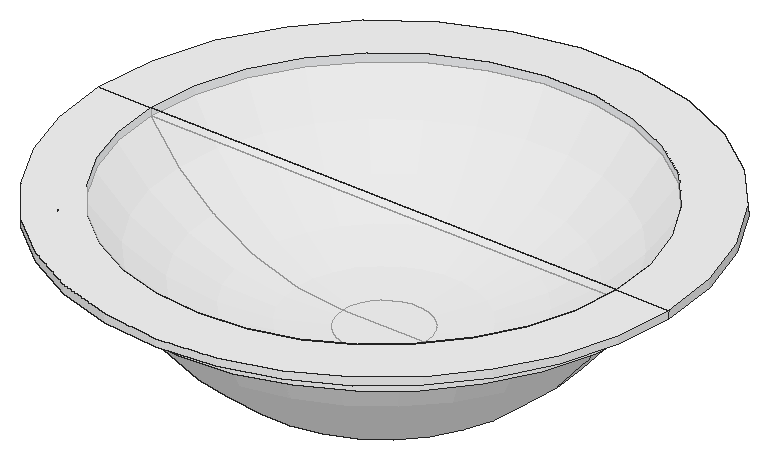
Revit family "0030344 Sylvania Lighting Fixture START Downlight 205 IP44 1-10V 1975Lm 830", category Lighting Fixtures, host Face, Revit 2016
Family settings
  Host = Face
  Part Type = Normal
  Round Connector Dimension = Use Diameter
  OmniClass Number = 23.80.70.00
  OmniClass Title = Lighting
  Cut with Voids When Loaded = No
  Light Source = Yes
  Shared = No
  Room Calculation Point = No
Parameters (values of type "0030344 ST DOWNLIGHT 205 IP44 1-10V 1975LM 830")
  Weight = "9.24 kg"
  Wattage Comments = ""
  Wattage = 20 W
  WarrantyStartDate [instance] = "n/a"
  WarrantyGuarantorParts = "n/a"
  WarrantyDurationUnit = "n/a"
  WarrantyDurationParts = "n/a"
  WarrantyDescription = "n/a"
  built-in parameter 1150110 = 1 (stored number, unit not read)
  Voltage = 230 V
  URL = "http://www.sylvania-lighting.com"
  TypeName = "START Downlight 205 IP44 1-10V 1975Lm 830"
  Type Image = <None>
  Type Comments = "n/a"
  built-in parameter 1114217 = 1 (stored number, unit not read)
  Tilt Angle = -90.00°
  built-in parameter 1150109 = 1 (stored number, unit not read)
  built-in parameter 1150134 = (empty or 0)
  built-in parameter 1150113 = 1 (stored number, unit not read)
  SerialNumber [instance] = "n/a"
  S_SYL = no
  RadiusTop_SYL = if(S_SYL, 80 mm, if(M_SYL, 100 mm, if(L_SYL, 120 mm, 120 mm)))  # 120 mm
  Photometric Web File = "0030344.ies"
  Material_3_FEILO = Top-Sylvania-STARTDownlight
  PowerFactor = 0.9
  PowerConsumption = "20 W"
  NominalLength = 220 mm
  NominalHeight = 60 mm
  NominalDepth = 220 mm
  Name = "START Downlight 205 IP44 1-10V 1975Lm 830"
  ModelReference = Name  # "START Downlight 205 IP44 1-10V 1975Lm 830"
  ModelNumber = "0030344"
  Model = Name  # "START Downlight 205 IP44 1-10V 1975Lm 830"
  Material = "aluminium housing, polycarbonate diffuser"
  ManufacturerName = "Feilo Sylvania"
  Manufacturer = "Feilo Sylvania"
  M_SYL = no
  LuminousEfficacy = "97.72 lm/W"
  built-in parameter 1150105 = 1054 (stored number, unit not read)
  Lumens = 1954.44 lm
  LuminaireType = ""
  built-in parameter 1150115 = 1 (stored number, unit not read)
  LightOutputRatio = "100"
  built-in parameter 1150137 = (empty or 0)
  built-in parameter 1150139 = (empty or 0)
  LampsType = Lamp  # "LED"
  LampNominalLuminous = "1954 lm"
  LampMacAdamStep = "5"
  LampColourTemperature = "3000 K"
  LampColourRenderingIndex = "80"
  built-in parameter 1150112 = 1 (stored number, unit not read)
  built-in parameter 1150114 = 1 (stored number, unit not read)
  Lamp = "LED"
  L_SYL = yes
  Keynote = "16500"
  InstallationDate [instance] = "n/a"
  InputVoltage = "220-240V~"
  InputNominalFrequency = "50/60 Hz"
  built-in parameter 1150132 = (empty or 0)
  built-in parameter 1150102 = (empty or 0)
  built-in parameter 1150107 = 3000 (stored number, unit not read)
  built-in parameter 1150138 = (empty or 0)
  IngressProtection = "IP20/44"
  ImpactProtectionIndex = "IK07"
  built-in parameter 1150106 = 10.54 (stored number, unit not read)
  IfcExportType = "IfcLightFixtureType"
  IfcExportAs = "IfcLightFixtureType"
  Height_SYL = if(S_SYL, 41 mm, if(M_SYL, 47 mm, if(L_SYL, 56 mm, 62 mm)))  # 56 mm
  ExpectedLife = 50000
  Emit from Circle Diameter = Diameter_SYL - 40 mm  # 180 mm
  Emit Shape Visible in Rendering = no
  ElectricShockClassification = "Class II"
  built-in parameter 1150104 = 9.0787 (stored number, unit not read)
  DurationUnit = "hours"
  DocumentationLiterature = "http://www.sylvania-lighting.com/product/en-int/products/0030344"
  DimmingControlOptions = "Dimmable"
  Material_2_FEILO = Diffuser-Sylvania-STARTDownlight
  Dimming Lamp Color Temperature Shift = <None>
  Diameter_SYL = if(S_SYL, 164 mm, if(M_SYL, 193 mm, if(L_SYL, 220 mm, 240 mm)))  # 220 mm
  DiameterTop_SYL = if(S_SYL, 77 mm, if(M_SYL, 81 mm, if(L_SYL, 104 mm, 105 mm)))  # 104 mm
  DiameterRecess_SYL = if(S_SYL, 141 mm, if(M_SYL, 169 mm, if(L_SYL, 198 mm, 216 mm)))  # 198 mm
  Description = ""
  Default Elevation = 1219.2 mm
  CreatedOn = "8/1/2018"
  CreatedBy = "@sylvania-lighting.com"
  Cost = 0
  Color Filter = 16777215
  built-in parameter 1114216 [instance] = (empty or 0)
  ClassificationValue = "EF_70_80"
  ClassificationName = "Uniclass2015"
  Material_1_FEILO = Trim-Sylvania-STARTDownlight-White
  BarCode [instance] = "n/a"
  built-in parameter 1114218 = 1 (stored number, unit not read)
  built-in parameter 1150133 = 10 (stored number, unit not read)
  AssetType = "Fixed"
  AssetIdentifier [instance] = "n/a"
  Assembly Code = "D5020200"
  Apparent Load = 20 VA
  Material_4_FEILO = LED-Sylvania-STARTDownlight
Reference planes
  plane 1 "Center (Front/Back)": y = 0
  plane 2: z = 0
  plane 3 "Center (Left/Right)": x = 0
  plane 4: x = 110
  plane 5: x = -110
  plane 6: z = 3
  plane 7: z = -8
  plane 8: z = -51
  plane 9: z = -53
  plane 10: x = -99
  plane 11: x = 99
  plane 12: x = -52
  plane 13: x = 52
  plane 14: x = -90
  plane 15: x = 90
  plane 16: z = -85
  plane 17: x = -90
  plane 18: z = 2
  plane 19: z = -41
  plane 20: x = -16
Forms (mm)
  Revolve 1, solid
    sketch origin (0, 0, 0) x (1, 0, 0) y (0, 0, 1)
      loop
        line (-110, 3) -> (-110, 0) -> (-99, 0) -> (-99, -8) -> (-90, -8)
        arc (-90, -8) -> (-73.608, -31.805) -> (-52, -51) r 120
        line (-52, -51) -> (0, -51) -> (0, -41) -> (-16, -41)
        arc (-16, -41) -> (-58.3, -30.065) -> (-90, 0) r 87.28
        line (-90, 0) -> (-90, 3) -> (-110, 3)
      axis (0, 3) -> (0, -51)
    angle from 360 to 0
  Revolve 2, void
    sketch origin (0, 0, 0) x (1, 0, 0) y (0, 0, 1)
      loop
        line (0, 0) -> (-99, 0) -> (-99, -85) -> (0, -85) -> (0, 0)
      axis (0, 0) -> (0, -85)
    angle from 360 to 0
  Revolve 3, solid, material "Diffuser-Sylvania-STARTDownlight" <- "Material_2_FEILO"
    sketch origin (0, 0, 0) x (1, 0, 0) y (0, 0, 1)
      loop
        line (-90, 3) -> (-90, 0) -> (0, 0) -> (0, 3) -> (-90, 3)
      axis (0, 3) -> (0, 0)
    angle from 360 to 0
Dimensions and locks
  equal spacing: plane 4, plane 3 "Center (Left/Right)", plane 5
  "Diameter_SYL": plane 4 to plane 5
  equal spacing: plane 11, plane 3 "Center (Left/Right)", plane 10
  equal spacing: plane 13, plane 3 "Center (Left/Right)", plane 12
  "DiameterTop_SYL": plane 13 to plane 12
  equal spacing: plane 15, plane 3 "Center (Left/Right)", plane 14
  locked: plane 6 to plane 2 at 3
  "Height_SYL": plane 6 to plane 9
  locked: plane 8 to plane 9 at 2
  locked: plane 2 to plane 7 at 8
  locked: plane 2 to plane 16 at 85
  locked: plane 17 to plane 5 at 20
  locked: plane 6 to plane 18 at 1
  "DiameterRecess_SYL": plane 11 to plane 10
  locked: plane 19 to plane 8 at 10
  locked: plane 3 "Center (Left/Right)" to plane 20 at 16
  locked: plane 14 to plane 5 at 20
  "RadiusTop_SYL": radius of Revolve 1 sketch curve
  aligned and locked: plane 2 to host face
  aligned and locked: level to host face
  aligned and locked: Revolve 1 sketch curve to plane 5
  aligned and locked: Revolve 1 sketch curve to level
  aligned and locked: plane 7 to Revolve 1 sketch curve
  aligned and locked: Revolve 1 sketch curve to plane 10
  aligned and locked: plane 14 to Revolve 1 sketch curve
  aligned and locked: plane 3 "Center (Left/Right)" to Revolve 1 sketch curve
  aligned and locked: Revolve 1 sketch curve to plane 8
  aligned and locked: Revolve 1 sketch curve to plane 3 "Center (Left/Right)"
  aligned and locked: Revolve 2 sketch curve to plane 3 "Center (Left/Right)"
  aligned and locked: plane 3 "Center (Left/Right)" to Revolve 2 sketch curve
  aligned and locked: Revolve 2 sketch curve to plane 10
  aligned and locked: plane 16 to Revolve 2 sketch curve
  aligned and locked: Revolve 1 sketch curve to plane 6
  aligned and locked: plane 19 to Revolve 1 sketch curve
  aligned and locked: plane 20 to Revolve 1 sketch curve
  aligned and locked: Revolve 1 sketch curve to Revolve 1 sketch curve
  aligned and locked: plane 17 to Revolve 1 sketch curve
  aligned and locked: plane 2 to Revolve 1 sketch curve
  aligned and locked: Revolve 3 sketch curve to plane 3 "Center (Left/Right)"  (x2)
  aligned and locked: plane 3 "Center (Left/Right)" to imposter light
  aligned and locked: imposter light to plane 18
  aligned and locked: imposter light to plane 1 "Center (Front/Back)"
  aligned and locked: plane 14 to Revolve 3 sketch curve
Automatic sketch dimensions
  host sketch curve to host sketch curve = 2438.4 mm  (x2)
  plane 16 to Revolve 2 sketch curve = 524.6 mm
  Revolve 2 sketch curve to plane 6 = 2606.058 mm
  Revolve 1 sketch curve to plane 12 = 0 mm
  plane 16 to Revolve 1 sketch curve = 524.6 mm
  Revolve 1 sketch curve to Revolve 1 sketch curve = 2581.366 mm
  Revolve 2 sketch curve to level = 0 mm
  Revolve 3 sketch curve to plane 6 = 0 mm
  Revolve 3 sketch curve to level = 0 mm
  plane 16 to Revolve 3 sketch curve = 524.6 mm
  Revolve 3 sketch curve to Revolve 3 sketch curve = 2606.058 mm
Connectors
  electrical at (0, 0, 0), driven by "Apparent Load", driven by "PowerFactor", driven by "Voltage"
    settings: index 1, voltage 230 V, apparent load 20 VA, apparent load phase1 0 VA, apparent load phase2 0 VA, apparent load phase3 0 VA, power factor 0.9, load classification "Lighting", number of poles 1, system type 30, power factor state 1, is connector primary yes, connector utility no, sub classification motor no, connector description ""
